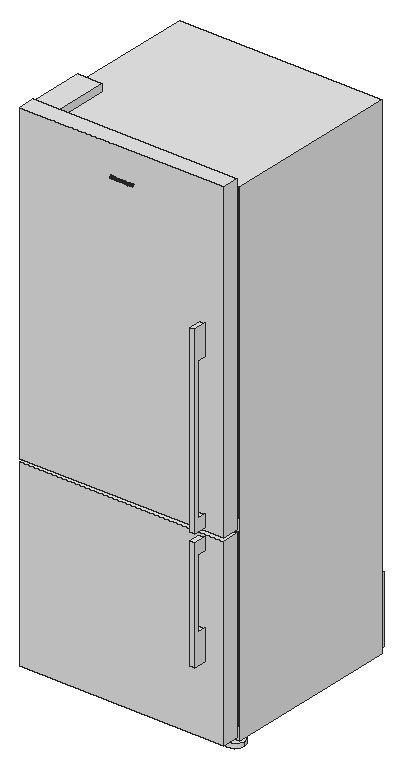
Revit family "FisherPaykel Fridge E442BLXFD", category Generic Models, host Floor, Revit 2013
Parameters (values of type "Fisher & Paykel - Fridge E442BLXFD")
  URL = "www.fisherpaykel.com"
  Model = "Fridge E442BLXFD"
  Manufacturer = "Fisher&Paykel"
  Fridge = Fridge
  Description = "Fisher & Paykel - Fridge E442BLXFD"
Reference planes (in)
  plane 1 "Center (Front/Back)": y = 0
  plane 2: z = 0
  plane 3 "Center (Left/Right)": x = 0
Dimensions and locks (in)
  equal spacing: host sketch curve, plane 1 "Center (Front/Back)", host sketch curve
  equal spacing: host sketch curve, plane 3 "Center (Left/Right)", host sketch curve
  host sketch curve to host sketch curve = 10' - 0"  (x2)
  aligned and locked: level to plane 2
Nested families (in)
  nested 1: "old_FisherPaykel Fridge E442BLXFD" at (0, 0, 0), type "Fisher & Paykel - Fridge E442BLXFD"
Definition of nested family "old_FisherPaykel Fridge E442BLXFD"
  Parameters (values of type "Fisher & Paykel - Fridge E442BLXFD")
    Width = 2' - 2.77165"
    URL = "www.fisherpaykel.com"
    Manufacturer = "Fisher&Paykel"
    Fridge = Fridge
    Model = "Fridge E442BLXFD"
    Height = 5' - 7.51969"
    Description = "Fisher & Paykel - Fridge E442BLXFD"
    Depth = 2' - 2.1811"
  Reference planes (in)
    plane 1 "Center (Front/Back)": y = 0
    plane 2: z = 0
    plane 3 "Center (Left/Right)": x = 0
    plane 4: x = -13.38583
    plane 5: y = 13.09055
    plane 6: y = -13.09055
    plane 7: x = 13.38583
    plane 8: z = 67.51969
    plane 9: y = -10.9252
    plane 10: z = 0.94488
    plane 11: z = 1.61417
    plane 12: z = 24.76378
    plane 13: z = 25.15748
    plane 14: y = -14.70472
    plane 15: x = -10.97638
    plane 16: z = 49.6063
    plane 17: z = 25.51181
    plane 18: z = 24.37008
    plane 19: z = 9.68504
    plane 20: z = 66.29921
    plane 21: y = -3.64173
    plane 22: x = 13.34646
    plane 23: x = 9.52756
    plane 24: y = 14.27165
    plane 25: z = 10.03937
    plane 26: z = 8.85827
    plane 27: x = -12.59843
    plane 28: x = 12.59843
    plane 29: z = 3.34646
    plane 30: x = 10.97638
    plane 31: y = 15.05906
    plane 32: z = 67.30315
    plane 33: z = 66.45669
    plane 34: y = -10.33465
    plane 35: x = -13.05118
    plane 36: x = 13.09055
    plane 37: z = 66.24016
    plane 38: z = 27.02756
    plane 39: z = 25.55118
    plane 40: z = 2.48031
    plane 41: z = 0.55118
    plane 42 "Front legs": y = -9.59449
    plane 43 "Front wheels": y = -5.87969
    plane 44: x = 10.8937
    plane 45 "Left legs": x = -12.20472
    plane 46 "right legs": x = 12.20472
    plane 47 "Back wheels": y = 11.5022
    plane 48: z = 63.38583
  Forms (in)
    Extrusion 1, solid, material "Fridge" <- "Fridge"
      sketch origin (0, 0, 0) x (1, 0, 0) y (0, 1, 0)
        loop
          line (-13.36614, 13.09055) -> (-13.36614, -10.32677) -> (13.36614, -10.32677) -> (13.36614, 13.09055) -> (-13.36614, 13.09055)
      from 0.94488 to 66.29921
    Extrusion 2, solid, material "Fridge" <- "Fridge"
      sketch origin (0, 0, 0) x (1, 0, 0) y (0, 0, 1)
        loop
          line (-13.38583, 1.61417) -> (13.38583, 1.61417) -> (13.38583, 25.70866) -> (-13.38583, 25.70866) -> (-13.38583, 1.61417)
        loop
          line (-13.38583, 26.10236) -> (13.38583, 26.10236) -> (13.38583, 67.51969) -> (-13.38583, 67.51969) -> (-13.38583, 26.10236)
      from 10.9252 to 13.09055
    Extrusion 3, solid, material "Fridge" <- "Fridge"
      sketch origin (18.66142, 0, 0.00823) x (0, 1, 0) y (0, 0, 1)
        loop
          line (-14.70472, 50.56264) -> (-14.70472, 26.46815) -> (-13.09055, 26.46815) -> (-13.09055, 28.04296) -> (-14.15354, 28.04296) -> (-14.15354, 46.62563) -> (-13.09055, 46.62563) -> (-13.09055, 50.56264) -> (-14.70472, 50.56264)
        loop
          line (-14.70472, 25.32642) -> (-14.70472, 10.64138) -> (-13.09055, 10.64138) -> (-13.09055, 14.57839) -> (-14.15354, 14.57839) -> (-14.15354, 23.75162) -> (-13.09055, 23.75162) -> (-13.09055, 25.32642) -> (-14.70472, 25.32642)
      from -8.37402 to -7.76772
    Extrusion 4, solid, material "Fridge" <- "Fridge"
      sketch origin (0, 0, 0) x (0, 1, 0) y (0, 0, 1)
        loop
          line (14.27165, 0.94488) -> (14.27165, 9.78784) -> (13.09055, 10.96894) -> (13.09055, 0.94488) -> (14.27165, 0.94488)
      from -12.57874 to 12.57874
    Extrusion 5, solid, material "Fridge" <- "Fridge"
      sketch origin (0.02756, 0, 0) x (1, 0, 0) y (0, 0, 1)
        loop
          circle (10.97638, 3.34646) r 0.19685
      from -14.27165 to -15.05906
    Extrusion 6, solid, material "Fridge" <- "Fridge"
      sketch origin (0, 0, 0) x (0, 1, 0) y (0, 0, 1)
        loop
          line (-10.9252, 2.45079) -> (-10.32677, 2.45079) -> (-10.32677, 25.52165) -> (-10.9252, 25.52165) -> (-10.9252, 2.45079)
        loop
          line (-10.9252, 26.98819) -> (-10.32677, 26.98819) -> (-10.32677, 66.23622) -> (-10.9252, 66.23622) -> (-10.9252, 26.98819)
      from -13.05118 to 13.05118
    Extrusion 7, solid, material "Fridge" <- "Fridge"
      sketch origin (0.86586, -0.16515, 0) x (1, 0, 0) y (0, 1, 0)
        loop
          circle (-13.07058, -9.42933) r 0.19291
        loop
          circle (11.33887, -9.42933) r 0.19291
      from 0.55118 to 0.94488
    Extrusion 8, solid, material "Fridge" <- "Fridge"
      sketch origin (0.86546, -0.60554, 0) x (1, 0, 0) y (0, 1, 0)
        loop
          circle (11.33927, -8.98895) r 1.1811
        loop
          circle (-13.07018, -8.98895) r 1.1811
      from 0 to 0.55118
    Extrusion 9, solid, material "Fridge" <- "Fridge"
      sketch origin (0, 0, 0) x (1, 0, 0) y (0, 1, 0)
        loop
          line (-13.32283, -10.9252) -> (-10.16535, -10.9252) -> (-10.16535, -3.64173) -> (-13.32283, -3.64173) -> (-13.32283, -10.9252)
      from 66.29921 to 67.30315
    Extrusion 10, solid, material "Fridge" <- "Fridge"
      sketch origin (0, 0, 0) x (0, 1, 0) y (0, 0, 1)
        loop
          arc (-7.88409, 0.94488) -> (-6.88189, 0) -> (-5.87969, 0.94488) r 1.00394
          line (-5.87969, 0.94488) -> (-7.88409, 0.94488)
        loop
          arc (9.4978, 0.94488) -> (10.5, 0) -> (11.5022, 0.94488) r 1.00394
          line (11.5022, 0.94488) -> (9.4978, 0.94488)
      from -11.30512 to -10.64764
    Extrusion 11, solid, material "Fridge" <- "Fridge"
      sketch origin (21.97047, 0, 0) x (0, 1, 0) y (0, 0, 1)
        loop
          arc (-7.88409, 0.94488) -> (-6.88189, 0) -> (-5.87969, 0.94488) r 1.00394
          line (-5.87969, 0.94488) -> (-7.88409, 0.94488)
        loop
          arc (9.4978, 0.94488) -> (10.5, 0) -> (11.5022, 0.94488) r 1.00394
          line (11.5022, 0.94488) -> (9.4978, 0.94488)
      from -11.32283 to -10.66535
  Dimensions and locks (in)
    equal spacing: plane 4, plane 3 "Center (Left/Right)", plane 7
    equal spacing: plane 5, plane 1 "Center (Front/Back)", plane 6
    "Depth": plane 5 to plane 6
    "Width": plane 4 to plane 7
    "Height": plane 8 to level
    plane 13 to plane 12 to plane 11 to plane 10 to level = 0' - 0.3937", 1' - 11.14961", 0' - 0.66929", 0' - 0.94488"
    plane 14 to plane 6 = 0' - 1.61417"
    plane 4 to plane 15 = 0' - 2.40945"
    plane 20 to level = 5' - 6.29921"
    plane 24 to plane 6 = 2' - 3.3622"
    level to plane 26 to plane 25 = 0' - 8.85827", 0' - 1.1811"
    plane 4 to plane 27 = 0' - 0.7874"
    plane 7 to plane 28 = 0' - 0.7874"
    plane 29 to plane 10 = 0' - 2.40157"
    plane 30 to plane 28 = 0' - 1.62205"
    plane 31 to plane 24 = 0' - 0.7874"
    plane 8 to plane 32 to plane 33 = 0' - 0.21654", 0' - 0.84646"
    plane 34 to plane 9 = 0' - 0.59055"
    plane 4 to plane 35 = 0' - 0.33465"
    plane 7 to plane 36 = 0' - 0.29528"
    plane 20 to plane 37 to plane 38 to plane 39 to plane 40 = 0' - 0.05906", 3' - 3.2126", 0' - 1.47638", 1' - 11.07087"
    plane 10 to plane 41 = 0' - 0.3937"
    plane 6 to plane 9 to plane 34 = 0' - 2.16535", 0' - 0.59055"
    plane 34 to plane 5 = 1' - 11.4252"
    plane 19 to level = 0' - 9.68504"
    plane 18 to level = 2' - 0.37008"
    plane 12 to level = 2' - 0.76378"
    plane 13 to level = 2' - 1.15748"
    level to plane 17 = 2' - 1.51181"
    level to plane 16 = 4' - 1.6063"
    Extrusion 2 to plane 44 = 0' - 2.49213"
    Extrusion 2 to Extrusion 3 = 1' - 4.94882"
    locked: Extrusion 3 to Extrusion 3 at 0.6063
    plane 8 to plane 48 = 0' - 4.13386"
    aligned and locked: plane 2 to level
    aligned and locked: Extrusion 1 sketch curve to plane 5
    aligned and locked: Extrusion 1 to plane 10
    aligned and locked: Extrusion 2 sketch curve to plane 11
    aligned and locked: Extrusion 2 sketch curve to plane 4  (x2)
    aligned and locked: Extrusion 2 sketch curve to plane 7
    aligned and locked: plane 14 to Extrusion 3 sketch curve  (x2)
    aligned and locked: Extrusion 3 sketch curve to plane 6  (x2)
    aligned and locked: plane 20 to Extrusion 1
    aligned and locked: Extrusion 2 sketch curve to plane 8
    aligned and locked: plane 24 to Extrusion 4 sketch curve
    aligned and locked: plane 10 to Extrusion 4 sketch curve
    aligned and locked: plane 5 to Extrusion 4 sketch curve
    aligned and locked: plane 24 to Extrusion 5
    aligned and locked: plane 31 to Extrusion 5
    aligned and locked: plane 9 to Extrusion 6 sketch curve  (x2)
    aligned and locked: plane 35 to Extrusion 6
    aligned and locked: Extrusion 7 to Extrusion 1
    aligned and locked: plane 41 to Extrusion 7
    aligned and locked: Extrusion 8 to level
    aligned and locked: Extrusion 8 to Extrusion 7
    aligned and locked: plane 44 to Extrusion 3
    aligned and locked: plane 32 to Extrusion 9
    aligned and locked: Extrusion 9 to Extrusion 1
  Automatic sketch dimensions
    Extrusion 4 sketch curve to plane 26 = 0' - 0.92957"
    Extrusion 4 sketch curve to plane 25 = 0' - 0.92957"
    Extrusion 5 sketch curve to plane 29 = 0' - 0"
    plane 30 to Extrusion 5 sketch curve = 0' - 0.02756"
    plane 13 to Extrusion 2 sketch curve = 0' - 0.94488"
    plane 12 to Extrusion 2 sketch curve = 0' - 0.94488"
    Extrusion 3 sketch curve to plane 6 = 0' - 0"  (x2)
    plane 14 to Extrusion 3 sketch curve = 0' - 0.55118"  (x2)
    Extrusion 3 sketch curve to plane 25 = 0' - 4.54724"
    plane 18 to Extrusion 3 sketch curve = 0' - 0.61024"
    plane 13 to Extrusion 3 sketch curve = 0' - 0.17717"
    plane 38 to Extrusion 3 sketch curve = 0' - 0.55118"
    Extrusion 3 sketch curve to plane 38 = 0' - 1.02362"
    Extrusion 3 sketch curve to plane 16 = 0' - 0.96457"
    Extrusion 3 sketch curve to plane 25 = 0' - 0.61024"
    plane 38 to Extrusion 6 sketch curve = 0' - 0.03937"
    plane 16 to Extrusion 3 sketch curve = 0' - 2.97244"
    plane 4 to Extrusion 1 sketch curve = 0' - 0.01969"
    Extrusion 1 sketch curve to plane 34 = 0' - 0.00787"
    plane 7 to Extrusion 1 sketch curve = 0' - 0.01969"
    plane 7 to Extrusion 2 sketch curve = 0' - 0"
    plane 37 to Extrusion 6 sketch curve = 0' - 0.00394"
    Extrusion 6 sketch curve to plane 34 = 0' - 0.00787"  (x2)
    Extrusion 6 sketch curve to plane 17 = 0' - 0.00984"
    plane 40 to Extrusion 6 sketch curve = 0' - 0.02953"
    Extrusion 9 sketch curve to plane 21 = 0' - 0"
    plane 9 to Extrusion 9 sketch curve = 0' - 0"
    plane 4 to Extrusion 9 sketch curve = 0' - 0.06299"
    Extrusion 9 sketch curve to plane 15 = 0' - 0.81102"
    plane 42 "Front legs" to Extrusion 7 sketch curve = 0' - 0"  (x2)
    Extrusion 7 sketch curve to plane 45 "Left legs" = 0' - 0"
    Extrusion 7 sketch curve to plane 46 "right legs" = 0' - 0"
    plane 42 "Front legs" to Extrusion 8 sketch curve = 0' - 0"  (x2)
    Extrusion 8 sketch curve to plane 45 "Left legs" = 0' - 0"
    Extrusion 8 sketch curve to plane 46 "right legs" = 0' - 0"
    Extrusion 10 sketch curve to plane 10 = 0' - 0"  (x2)
    Extrusion 10 sketch curve to plane 43 "Front wheels" = 0' - 0"
    Extrusion 10 sketch curve to plane 47 "Back wheels" = 0' - 0"
    Extrusion 10 sketch curve to plane 42 "Front legs" = 0' - 1.7104"
    plane 47 "Back wheels" to Extrusion 10 sketch curve = 0' - 2.0044"
    plane 10 to Extrusion 10 sketch curve = 0' - 0.05906"  (x2)
    Extrusion 11 sketch curve to plane 10 = 0' - 0"  (x2)
    Extrusion 11 sketch curve to plane 43 "Front wheels" = 0' - 0"
    Extrusion 11 sketch curve to plane 47 "Back wheels" = 0' - 0"
    Extrusion 11 sketch curve to plane 42 "Front legs" = 0' - 1.7104"
    plane 47 "Back wheels" to Extrusion 11 sketch curve = 0' - 2.0044"
    plane 10 to Extrusion 11 sketch curve = 0' - 0.05906"  (x2)
    radius of Extrusion 5 sketch curve = 0' - 0.19685"
    radius of Extrusion 7 sketch curve = 0' - 0.19291"  (x2)
    radius of Extrusion 8 sketch curve = 0' - 1.1811"  (x2)
  Nested families (in)
    nested 1: "FP_logo80mm" at (0, -13.09055, 63.38583) x (1, 0, 0) z (0, -1, 0), type "FP_logo80mm"
  Definition of nested family "FP_logo80mm"
    Parameters (values of type "FP_logo80mm")
      thickness = 0' - 0.02044"
      LOGO = logo
      Default Elevation = 4' - 0"
    Reference planes (in)
      plane 1 "Center (Front/Back)": y = 0
      plane 2: z = 0
      plane 3 "Center (Left/Right)": x = 0
      plane 4: x = -1.5748
      plane 5: x = 1.5748
    Forms (in)
      Extrusion 1, solid
        sketch origin (0, 0, 0) x (1, 0, 0) y (0, 1, 0)
          loop
            line (-48, 48) -> (-48, -48) -> (48, -48) -> (48, 48) -> (-48, 48)
        from 0 to -12
      Extrusion 2, solid, material "logo" <- "LOGO"
        sketch origin (0, 0, 0) x (1, 0, 0) y (0, 1, 0)
          loop
            line (-1.57372, 0) -> (-1.50194, 0) -> (-1.46947, 0.12283) -> (-1.30297, 0.12283) -> (-1.29013, 0.1703) -> (-1.45659, 0.1703) -> (-1.43522, 0.25151) -> (-1.25982, 0.25151) -> (-1.24694, 0.29898) -> (-1.49409, 0.29898) -> (-1.57372, 0)
          loop
            line (-1.30607, 0) -> (-1.24274, 0) -> (-1.18721, 0.20934) -> (-1.25063, 0.20934) -> (-1.30607, 0)
          loop
            line (-1.22648, 0.29898) -> (-1.23826, 0.25602) -> (-1.17488, 0.25602) -> (-1.16314, 0.29898) -> (-1.22648, 0.29898)
          loop
            arc (-0.86058, 0.13425) -> (-0.80772, 0.17063) -> (-0.74843, 0.1461) r 0.06722
            line (-0.74843, 0.1461) -> (-0.78704, 0) -> (-0.7237, 0) -> (-0.68605, 0.14246)
            arc (-0.68605, 0.14246) -> (-0.68155, 0.16152) -> (-0.68605, 0.18058) r 0.04254
            arc (-0.68605, 0.18058) -> (-0.76915, 0.21295) -> (-0.84979, 0.17486) r 0.1128
            line (-0.84979, 0.17486) -> (-0.81676, 0.29898) -> (-0.88006, 0.29898) -> (-0.95966, 0) -> (-0.89632, 0) -> (-0.86058, 0.13425)
          loop
            arc (-0.95066, 0.15197) -> (-0.95087, 0.18935) -> (-0.98246, 0.20934) r 0.03895
            arc (-0.98246, 0.20934) -> (-1.05987, 0.21825) -> (-1.13591, 0.20129) r 0.23433
            arc (-1.13591, 0.20129) -> (-1.1618, 0.18364) -> (-1.17815, 0.15691) r 0.0745
            arc (-1.17815, 0.15691) -> (-1.17834, 0.11309) -> (-1.14108, 0.09004) r 0.04483
            line (-1.14108, 0.09004) -> (-1.05714, 0.08639)
            arc (-1.05714, 0.08639) -> (-1.03604, 0.05735) -> (-1.06272, 0.03332) r 0.02683
            line (-1.06272, 0.03332) -> (-1.11205, 0.03332)
            arc (-1.11205, 0.03332) -> (-1.13197, 0.04003) -> (-1.14072, 0.05914) r 0.02647
            line (-1.14072, 0.05914) -> (-1.20571, 0.06008)
            arc (-1.20571, 0.06008) -> (-1.20608, 0.02907) -> (-1.18586, 0.00555) r 0.04389
            arc (-1.18586, 0.00555) -> (-1.10473, -0.00342) -> (-1.02361, 0.00555) r 0.37118
            arc (-1.02361, 0.00555) -> (-0.98719, 0.0286) -> (-0.96414, 0.06502) r 0.09828
            arc (-0.96414, 0.06502) -> (-0.96497, 0.10316) -> (-0.99759, 0.12295) r 0.03965
            line (-0.99759, 0.12295) -> (-1.09984, 0.1274)
            arc (-1.09984, 0.1274) -> (-1.11597, 0.13609) -> (-1.11913, 0.15414) r 0.02101
            arc (-1.11913, 0.15414) -> (-1.06497, 0.17768) -> (-1.0118, 0.15197) r 0.0708
            line (-1.0118, 0.15197) -> (-0.95066, 0.15197)
          loop
            line (-0.43335, 0.0955) -> (-0.42234, 0.15714)
            arc (-0.42234, 0.15714) -> (-0.43763, 0.19405) -> (-0.47453, 0.20934) r 0.05219
            line (-0.47453, 0.20934) -> (-0.56603, 0.20934)
            arc (-0.56603, 0.20934) -> (-0.67024, 0.12209) -> (-0.61053, 0) r 0.11022
            arc (-0.61053, 0) -> (-0.51666, 0.00201) -> (-0.44346, 0.06081) r 0.14586
            line (-0.44346, 0.06081) -> (-0.50325, 0.06709)
            arc (-0.50325, 0.06709) -> (-0.57274, 0.03377) -> (-0.61889, 0.0955) r 0.06068
            line (-0.61889, 0.0955) -> (-0.43335, 0.0955)
          loop
            line (-0.60154, 0.12683) -> (-0.48719, 0.12683)
            arc (-0.48719, 0.12683) -> (-0.54436, 0.17324) -> (-0.60154, 0.12683) r 0.05842
          loop
            line (-0.43225, 0) -> (-0.36884, 0) -> (-0.3364, 0.12322)
            arc (-0.3364, 0.12322) -> (-0.29895, 0.16318) -> (-0.25677, 0.12825) r 0.03997
            line (-0.25677, 0.12825) -> (-0.19736, 0.12825)
            arc (-0.19736, 0.12825) -> (-0.19022, 0.16751) -> (-0.20568, 0.20429) r 0.07001
            arc (-0.20568, 0.20429) -> (-0.27218, 0.21095) -> (-0.32777, 0.17385) r 0.09905
            line (-0.32777, 0.17385) -> (-0.31343, 0.20934) -> (-0.37677, 0.20934) -> (-0.43225, 0)
          loop
            line (0.0589, 0.12012) -> (0.04908, 0.08343) -> (-0.0317, 0.14891)
            arc (-0.0317, 0.14891) -> (0.01975, 0.15451) -> (0.06854, 0.17177) r 0.22403
            arc (0.06854, 0.17177) -> (0.08659, 0.19825) -> (0.092, 0.22984) r 0.07535
            arc (0.092, 0.22984) -> (0.08362, 0.25136) -> (0.06388, 0.26335) r 0.03598
            arc (0.06388, 0.26335) -> (0.00198, 0.27016) -> (-0.05992, 0.26335) r 0.28474
            arc (-0.05992, 0.26335) -> (-0.08847, 0.24926) -> (-0.10731, 0.22359) r 0.0671
            arc (-0.10731, 0.22359) -> (-0.11641, 0.18705) -> (-0.09579, 0.15554) r 0.04706
            arc (-0.09579, 0.15554) -> (-0.14195, 0.14171) -> (-0.177, 0.10865) r 0.10456
            line (-0.177, 0.10865) -> (-0.19166, 0.0607)
            arc (-0.19166, 0.0607) -> (-0.17964, 0.01787) -> (-0.1389, 0) r 0.05201
            arc (-0.1389, 0) -> (-0.07522, -0.00464) -> (-0.01155, 0) r 0.43946
            arc (-0.01155, 0) -> (0.0259, 0.01133) -> (0.05839, 0.0331) r 0.13235
            line (0.05839, 0.0331) -> (0.10025, 0) -> (0.13041, 0.02319) -> (0.07822, 0.05974)
            arc (0.07822, 0.05974) -> (0.09021, 0.08908) -> (0.09668, 0.12012) r 0.17407
            line (0.09668, 0.12012) -> (0.0589, 0.12012)
          loop
            line (0.03377, 0.0523) -> (-0.07598, 0.13975)
            arc (-0.07598, 0.13975) -> (-0.12194, 0.128) -> (-0.14447, 0.08624) r 0.05912
            arc (-0.14447, 0.08624) -> (-0.14328, 0.04325) -> (-0.10587, 0.02201) r 0.04379
            arc (-0.10587, 0.02201) -> (-0.03294, 0.02281) -> (0.03377, 0.0523) r 0.18125
          loop
            arc (0.36561, 0.09636) -> (0.42763, 0.11011) -> (0.47803, 0.14878) r 0.14675
            arc (0.47803, 0.14878) -> (0.49723, 0.19866) -> (0.50525, 0.25151) r 0.24691
            arc (0.50525, 0.25151) -> (0.4729, 0.28972) -> (0.42369, 0.29898) r 0.07484
            line (0.42369, 0.29898) -> (0.22524, 0.29898) -> (0.14568, 0) -> (0.21739, 0) -> (0.24319, 0.09636) -> (0.36561, 0.09636)
          loop
            line (0.28414, 0.25151) -> (0.2561, 0.14568) -> (0.35509, 0.14568)
            arc (0.35509, 0.14568) -> (0.38393, 0.15) -> (0.41024, 0.16258) r 0.09842
            line (0.41024, 0.16258) -> (0.42722, 0.20926)
            arc (0.42722, 0.20926) -> (0.41485, 0.23913) -> (0.38497, 0.25151) r 0.04225
            line (0.38497, 0.25151) -> (0.28414, 0.25151)
          loop
            arc (0.55819, 0.14878) -> (0.56638, 0.16856) -> (0.58615, 0.17674) r 0.02796
            arc (0.58615, 0.17674) -> (0.61447, 0.17926) -> (0.64279, 0.17674) r 0.16065
            arc (0.64279, 0.17674) -> (0.65989, 0.1631) -> (0.65782, 0.14133) r 0.02298
            line (0.65782, 0.14133) -> (0.6478, 0.1037)
            arc (0.6478, 0.1037) -> (0.56118, 0.13061) -> (0.47719, 0.09636) r 0.13438
            arc (0.47719, 0.09636) -> (0.4602, 0.04095) -> (0.50121, 0) r 0.05619
            arc (0.50121, 0) -> (0.57004, -0.00115) -> (0.63244, 0.02789) r 0.15353
            line (0.63244, 0.02789) -> (0.61074, -0.0031) -> (0.68432, 0) -> (0.72076, 0.13673)
            arc (0.72076, 0.13673) -> (0.72464, 0.17655) -> (0.69592, 0.20441) r 0.04611
            arc (0.69592, 0.20441) -> (0.62576, 0.21705) -> (0.55489, 0.20934) r 0.2495
            arc (0.55489, 0.20934) -> (0.51881, 0.18487) -> (0.49434, 0.14878) r 0.11565
            line (0.49434, 0.14878) -> (0.55819, 0.14878)
          loop
            line (0.7678, 0) -> (0.80778, 0)
            arc (0.80778, 0) -> (0.77355, -0.04222) -> (0.72076, -0.05517) r 0.08526
            line (0.72076, -0.05517) -> (0.71067, -0.09189)
            arc (0.71067, -0.09189) -> (0.79943, -0.08017) -> (0.85866, -0.01304) r 0.12765
            line (0.85866, -0.01304) -> (0.98648, 0.20934) -> (0.9209, 0.20934) -> (0.82272, 0.03272) -> (0.80483, 0.20934) -> (0.7376, 0.20934) -> (0.7678, 0)
          loop
            line (1.04279, 0.12778) -> (1.0881, 0.29898) -> (1.02481, 0.29898) -> (0.94521, 0) -> (1.00859, 0) -> (1.03321, 0.09275) -> (1.10888, 0) -> (1.18678, 0) -> (1.10668, 0.1107) -> (1.22381, 0.20934) -> (1.15093, 0.20934) -> (1.04279, 0.12778)
          loop
            line (1.51251, 0.29898) -> (1.43291, 0) -> (1.49629, 0) -> (1.57589, 0.29898) -> (1.51251, 0.29898)
          loop
            line (1.43403, 0.0955) -> (1.44505, 0.15714)
            arc (1.44505, 0.15714) -> (1.42976, 0.19405) -> (1.39285, 0.20934) r 0.05219
            line (1.39285, 0.20934) -> (1.30135, 0.20934)
            arc (1.30135, 0.20934) -> (1.19714, 0.12209) -> (1.25686, 0) r 0.11022
            arc (1.25686, 0) -> (1.35073, 0.00201) -> (1.42393, 0.06081) r 0.14586
            line (1.42393, 0.06081) -> (1.36413, 0.06709)
            arc (1.36413, 0.06709) -> (1.29464, 0.03377) -> (1.2485, 0.0955) r 0.06068
            line (1.2485, 0.0955) -> (1.43403, 0.0955)
          loop
            line (1.26585, 0.12683) -> (1.3802, 0.12683)
            arc (1.3802, 0.12683) -> (1.32302, 0.17324) -> (1.26585, 0.12683) r 0.05842
          loop
            arc (-0.05026, 0.16395) -> (0.00366, 0.17176) -> (0.04898, 0.202) r 0.12359
            arc (0.04898, 0.202) -> (0.05207, 0.22235) -> (0.04159, 0.24006) r 0.03066
            arc (0.04159, 0.24006) -> (-0.00034, 0.2455) -> (-0.04226, 0.24006) r 0.16426
            arc (-0.04226, 0.24006) -> (-0.07878, 0.20542) -> (-0.05026, 0.16395) r 0.03874
          loop
            spline (0.5073, 0.05459) -> (0.51015, 0.04686) -> (0.51712, 0.04004) -> (0.52774, 0.03458) -> (0.54128, 0.03087) -> (0.55682, 0.02915) -> (0.57331, 0.02954) -> (0.58961, 0.03202) -> (0.60462, 0.03641) -> (0.61731, 0.04242) -> (0.62682, 0.04963) -> (0.6325, 0.05756) -> (0.63397, 0.06567)
            spline (0.63397, 0.06567) -> (0.63112, 0.07339) -> (0.62415, 0.08022) -> (0.61353, 0.08567) -> (0.59998, 0.08938) -> (0.58444, 0.0911) -> (0.56796, 0.09071) -> (0.55165, 0.08823) -> (0.53665, 0.08384) -> (0.52395, 0.07783) -> (0.51444, 0.07062) -> (0.50876, 0.06269) -> (0.5073, 0.05459)
        from 0 to 0.02044
    Dimensions and locks (in)
      "thickness": Extrusion 2 to plane 2
      equal spacing: plane 4, plane 3 "Center (Left/Right)", plane 5
      plane 4 to plane 5 = 0' - 3.14961"
      aligned and locked: plane 2 to Extrusion 1
      aligned and locked: level to Extrusion 1
    Automatic sketch dimensions
      Extrusion 1 sketch curve to Extrusion 1 sketch curve = 8' - 0"  (x2)
      plane 1 "Center (Front/Back)" to Extrusion 2 sketch curve = 0' - 0"  (x19)
      plane 4 to Extrusion 2 sketch curve = 0' - 0.00108"
      plane 1 "Center (Front/Back)" to Extrusion 2 sketch curve = 0' - 0.09189"
      Extrusion 2 sketch curve to Extrusion 2 sketch curve = 0' - 0.07178"
      plane 4 to Extrusion 2 sketch curve = 0' - 0.08072"
      plane 4 to Extrusion 2 sketch curve = 0' - 0.10534"
      Extrusion 2 sketch curve to Extrusion 2 sketch curve = 0' - 0.01288"  (x2)
      Extrusion 2 sketch curve to Extrusion 2 sketch curve = 0' - 0.05886"
      Extrusion 2 sketch curve to Extrusion 2 sketch curve = 0' - 0.19587"
      Extrusion 2 sketch curve to Extrusion 2 sketch curve = 0' - 0.0031"
      Extrusion 2 sketch curve to Extrusion 2 sketch curve = 0' - 0.01284"
      Extrusion 2 sketch curve to Extrusion 2 sketch curve = 0' - 0.03031"
      Extrusion 2 sketch curve to Extrusion 2 sketch curve = 0' - 0.00919"
      Extrusion 2 sketch curve to Extrusion 2 sketch curve = 0' - 0.06334"  (x3)
      Extrusion 2 sketch curve to Extrusion 2 sketch curve = 0' - 0.02156"
      Extrusion 2 sketch curve to Extrusion 2 sketch curve = 0' - 0.02046"
      Extrusion 2 sketch curve to plane 1 "Center (Front/Back)" = 0' - 0.06008"
      Extrusion 2 sketch curve to Extrusion 2 sketch curve = 0' - 0.03703"
      Extrusion 2 sketch curve to Extrusion 2 sketch curve = 0' - 0.06342"  (x2)
      Extrusion 2 sketch curve to Extrusion 2 sketch curve = 0' - 0.01233"
      Extrusion 2 sketch curve to Extrusion 2 sketch curve = 0' - 0.01174"
      Extrusion 2 sketch curve to plane 1 "Center (Front/Back)" = 0' - 0.09004"
      Extrusion 2 sketch curve to Extrusion 2 sketch curve = 0' - 0.06462"
      Extrusion 2 sketch curve to plane 1 "Center (Front/Back)" = 0' - 0.05914"
      Extrusion 2 sketch curve to Extrusion 2 sketch curve = 0' - 0.00037"
      Extrusion 2 sketch curve to Extrusion 2 sketch curve = 0' - 0.02867"
      Extrusion 2 sketch curve to plane 1 "Center (Front/Back)" = 0' - 0.1274"
      Extrusion 2 sketch curve to Extrusion 2 sketch curve = 0' - 0.04124"
      Extrusion 2 sketch curve to Extrusion 2 sketch curve = 0' - 0.04933"
      Extrusion 2 sketch curve to plane 1 "Center (Front/Back)" = 0' - 0.08639"
      Extrusion 2 sketch curve to Extrusion 2 sketch curve = 0' - 0.00558"
      Extrusion 2 sketch curve to Extrusion 2 sketch curve = 0' - 0.04534"
      Extrusion 2 sketch curve to plane 1 "Center (Front/Back)" = 0' - 0.12295"
      Extrusion 2 sketch curve to Extrusion 2 sketch curve = 0' - 0.01421"
      Extrusion 2 sketch curve to Extrusion 2 sketch curve = 0' - 0.10306"
      Extrusion 2 sketch curve to Extrusion 2 sketch curve = 0' - 0.04693"
      Extrusion 2 sketch curve to plane 1 "Center (Front/Back)" = 0' - 0.29898"
      Extrusion 2 sketch curve to Extrusion 2 sketch curve = 0' - 0.0706"
      Extrusion 2 sketch curve to plane 1 "Center (Front/Back)" = 0' - 0.13425"
      Extrusion 2 sketch curve to Extrusion 2 sketch curve = 0' - 0.09009"
      Extrusion 2 sketch curve to plane 1 "Center (Front/Back)" = 0' - 0.17486"
      Extrusion 2 sketch curve to Extrusion 2 sketch curve = 0' - 0.01079"
      Extrusion 2 sketch curve to Extrusion 2 sketch curve = 0' - 0.0633"  (x2)
      Extrusion 2 sketch curve to Extrusion 2 sketch curve = 0' - 0.10928"
      Extrusion 2 sketch curve to plane 1 "Center (Front/Back)" = 0' - 0.1461"
      Extrusion 2 sketch curve to Extrusion 2 sketch curve = 0' - 0.10135"
      Extrusion 2 sketch curve to plane 1 "Center (Front/Back)" = 0' - 0.14246"
      Extrusion 2 sketch curve to Extrusion 2 sketch curve = 0' - 0.06238"
      Extrusion 2 sketch curve to Extrusion 2 sketch curve = 0' - 0.06717"
      Extrusion 2 sketch curve to Extrusion 2 sketch curve = 0' - 0.01735"  (x2)
      Extrusion 2 sketch curve to Extrusion 2 sketch curve = 0' - 0.0355"
      Extrusion 2 sketch curve to plane 1 "Center (Front/Back)" = 0' - 0.06709"  (x2)
      Extrusion 2 sketch curve to Extrusion 2 sketch curve = 0' - 0.09828"  (x2)
      Extrusion 2 sketch curve to Extrusion 2 sketch curve = 0' - 0.01606"  (x2)
      Extrusion 2 sketch curve to Extrusion 2 sketch curve = 0' - 0.01266"  (x2)
      Extrusion 2 sketch curve to plane 1 "Center (Front/Back)" = 0' - 0.06081"  (x2)
      Extrusion 2 sketch curve to Extrusion 2 sketch curve = 0' - 0.05979"  (x2)
      Extrusion 2 sketch curve to Extrusion 2 sketch curve = 0' - 0.01011"  (x2)
      Extrusion 2 sketch curve to Extrusion 2 sketch curve = 0' - 0.0112"
      Extrusion 2 sketch curve to plane 1 "Center (Front/Back)" = 0' - 0.15714"
      Extrusion 2 sketch curve to Extrusion 2 sketch curve = 0' - 0.05219"  (x2)
      Extrusion 2 sketch curve to Extrusion 2 sketch curve = 0' - 0.04557"
      Extrusion 2 sketch curve to plane 1 "Center (Front/Back)" = 0' - 0.12322"
      Extrusion 2 sketch curve to Extrusion 2 sketch curve = 0' - 0 11/128"
      Extrusion 2 sketch curve to plane 1 "Center (Front/Back)" = 0' - 0.17385"
      Extrusion 2 sketch curve to Extrusion 2 sketch curve = 0' - 0.00864"
      Extrusion 2 sketch curve to Extrusion 2 sketch curve = 0' - 0.01434"
      Extrusion 2 sketch curve to Extrusion 2 sketch curve = 0' - 0.07963"
      Extrusion 2 sketch curve to Extrusion 2 sketch curve = 0' - 0.05941"
      Extrusion 2 sketch curve to plane 1 "Center (Front/Back)" = 0' - 0.0607"
      Extrusion 2 sketch curve to Extrusion 2 sketch curve = 0' - 0.00569"
      Extrusion 2 sketch curve to Extrusion 2 sketch curve = 0' - 0.02035"
      Extrusion 2 sketch curve to plane 3 "Center (Left/Right)" = 0' - 0.07598"
      Extrusion 2 sketch curve to plane 3 "Center (Left/Right)" = 0' - 0.0317"
      plane 3 "Center (Left/Right)" to Extrusion 2 sketch curve = 0' - 0.03377"
      Extrusion 2 sketch curve to Extrusion 2 sketch curve = 0' - 0.01531"
      Extrusion 2 sketch curve to Extrusion 2 sketch curve = 0' - 0.02462"  (x2)
      Extrusion 2 sketch curve to Extrusion 2 sketch curve = 0' - 0.00982"
      Extrusion 2 sketch curve to Extrusion 2 sketch curve = 0' - 0.01983"
      Extrusion 2 sketch curve to Extrusion 2 sketch curve = 0' - 0.03778"
      Extrusion 2 sketch curve to Extrusion 2 sketch curve = 0' - 0.04186"
      Extrusion 2 sketch curve to plane 1 "Center (Front/Back)" = 0' - 0.02319"
      Extrusion 2 sketch curve to Extrusion 2 sketch curve = 0' - 0.03016"
      Extrusion 2 sketch curve to Extrusion 2 sketch curve = 0' - 0.01527"
      Extrusion 2 sketch curve to Extrusion 2 sketch curve = 0' - 0.0717"
      Extrusion 2 sketch curve to Extrusion 2 sketch curve = 0' - 0.12856"
      Extrusion 2 sketch curve to Extrusion 2 sketch curve = 0' - 0.0258"
      Extrusion 2 sketch curve to Extrusion 2 sketch curve = 0' - 0.01292"
      Extrusion 2 sketch curve to Extrusion 2 sketch curve = 0' - 0.0589"
      Extrusion 2 sketch curve to Extrusion 2 sketch curve = 0' - 0.09899"
      Extrusion 2 sketch curve to Extrusion 2 sketch curve = 0' - 0.01052"
      Extrusion 2 sketch curve to Extrusion 2 sketch curve = 0' - 0.01936"
      Extrusion 2 sketch curve to plane 1 "Center (Front/Back)" = 0' - 0.16258"
      Extrusion 2 sketch curve to Extrusion 2 sketch curve = 0' - 0.02526"
      Extrusion 2 sketch curve to Extrusion 2 sketch curve = 0' - 0.03872"
      Extrusion 2 sketch curve to plane 1 "Center (Front/Back)" = 0' - 0.20926"
      Extrusion 2 sketch curve to Extrusion 2 sketch curve = 0' - 0.04225"
      Extrusion 2 sketch curve to Extrusion 2 sketch curve = 0' - 0.08411"
      Extrusion 2 sketch curve to Extrusion 2 sketch curve = 0' - 0.06385"
      plane 1 "Center (Front/Back)" to Extrusion 2 sketch curve = 0' - 0.0031"
      Extrusion 2 sketch curve to Extrusion 2 sketch curve = 0' - 0.05255"
      Extrusion 2 sketch curve to plane 1 "Center (Front/Back)" = 0' - 0.02789"
      Extrusion 2 sketch curve to Extrusion 2 sketch curve = 0' - 0.02171"
      Extrusion 2 sketch curve to plane 1 "Center (Front/Back)" = 0' - 0.1037"
      Extrusion 2 sketch curve to Extrusion 2 sketch curve = 0' - 0.01535"
      Extrusion 2 sketch curve to plane 1 "Center (Front/Back)" = 0' - 0.14133"
      Extrusion 2 sketch curve to Extrusion 2 sketch curve = 0' - 0.01003"
      Extrusion 2 sketch curve to Extrusion 2 sketch curve = 0' - 0.05187"
      Extrusion 2 sketch curve to Extrusion 2 sketch curve = 0' - 0.02635"
      Extrusion 2 sketch curve to plane 1 "Center (Front/Back)" = 0' - 0 35/256"
      Extrusion 2 sketch curve to Extrusion 2 sketch curve = 0' - 0.06293"
      plane 1 "Center (Front/Back)" to Extrusion 2 sketch curve = 0' - 0.05517"
      Extrusion 2 sketch curve to Extrusion 2 sketch curve = 0' - 0.01009"
      Extrusion 2 sketch curve to Extrusion 2 sketch curve = 0' - 0.01685"
      Extrusion 2 sketch curve to Extrusion 2 sketch curve = 0' - 0.04704"
      Extrusion 2 sketch curve to plane 1 "Center (Front/Back)" = 0' - 0.20934"  (x3)
      Extrusion 2 sketch curve to Extrusion 2 sketch curve = 0' - 0.06723"
      Extrusion 2 sketch curve to Extrusion 2 sketch curve = 0' - 0.03998"
      Extrusion 2 sketch curve to plane 1 "Center (Front/Back)" = 0' - 0.03272"
      Extrusion 2 sketch curve to Extrusion 2 sketch curve = 0' - 0.01493"
      plane 1 "Center (Front/Back)" to Extrusion 2 sketch curve = 0' - 0.01304"
      Extrusion 2 sketch curve to Extrusion 2 sketch curve = 0' - 0.05088"
      Extrusion 2 sketch curve to Extrusion 2 sketch curve = 0' - 0.11607"
      Extrusion 2 sketch curve to Extrusion 2 sketch curve = 0' - 0.08655"
      Extrusion 2 sketch curve to Extrusion 2 sketch curve = 0' - 0.06558"
      Extrusion 2 sketch curve to Extrusion 2 sketch curve = 0' - 0.06338"  (x2)
      Extrusion 2 sketch curve to Extrusion 2 sketch curve = 0' - 0.03833"
      Extrusion 2 sketch curve to plane 1 "Center (Front/Back)" = 0' - 0.09275"
      Extrusion 2 sketch curve to plane 1 "Center (Front/Back)" = 0' - 0.12778"
      Extrusion 2 sketch curve to Extrusion 2 sketch curve = 0' - 0.00958"
      Extrusion 2 sketch curve to plane 1 "Center (Front/Back)" = 0' - 0.1107"
      Extrusion 2 sketch curve to Extrusion 2 sketch curve = 0' - 0.06389"
      Extrusion 2 sketch curve to Extrusion 2 sketch curve = 0' - 0.10029"
      Extrusion 2 sketch curve to Extrusion 2 sketch curve = 0' - 0.04425"
      Extrusion 2 sketch curve to Extrusion 2 sketch curve = 0' - 0.07791"
      Extrusion 2 sketch curve to Extrusion 2 sketch curve = 0' - 0.07288"
      Extrusion 2 sketch curve to Extrusion 2 sketch curve = 0' - 0.06172"
      Extrusion 2 sketch curve to Extrusion 2 sketch curve = 0' - 0.07754"
      Extrusion 2 sketch curve to Extrusion 2 sketch curve = 0' - 0.00899"
      Extrusion 2 sketch curve to plane 5 = 0' - 0.0623"
      plane 5 to Extrusion 2 sketch curve = 0' - 0.00108"
      Extrusion 2 sketch curve to plane 1 "Center (Front/Back)" = 0' - 0.00555"  (x2)
      Extrusion 2 sketch curve to Extrusion 2 sketch curve = 0' - 0.05688"
      Extrusion 2 sketch curve to Extrusion 2 sketch curve = 0' - 0.00906"
      Extrusion 2 sketch curve to Extrusion 2 sketch curve = 0' - 0.02411"
      Extrusion 2 sketch curve to Extrusion 2 sketch curve = 0' - 0.0393"
      Extrusion 2 sketch curve to Extrusion 2 sketch curve = 0' - 0.0513"
      Extrusion 2 sketch curve to Extrusion 2 sketch curve = 0' - 0"  (x10)
      Extrusion 2 sketch curve to Extrusion 2 sketch curve = 0' - 0.02"
      Extrusion 2 sketch curve to Extrusion 2 sketch curve = 0' - 0.00221"
      Extrusion 2 sketch curve to Extrusion 2 sketch curve = 0' - 0.00799"
      Extrusion 2 sketch curve to Extrusion 2 sketch curve = 0' - 0.05841"
      Extrusion 2 sketch curve to Extrusion 2 sketch curve = 0' - 0.00891"
      Extrusion 2 sketch curve to Extrusion 2 sketch curve = 0' - 0.00926"
      Extrusion 2 sketch curve to Extrusion 2 sketch curve = 0' - 0.00046"
      plane 1 "Center (Front/Back)" to Extrusion 2 sketch curve = 0' - 0.01576"
      Extrusion 2 sketch curve to Extrusion 2 sketch curve = 0' - 0.01512"
      Extrusion 2 sketch curve to Extrusion 2 sketch curve = 0' - 0.00172"
      Extrusion 2 sketch curve to Extrusion 2 sketch curve = 0' - 0.02686"
      Extrusion 2 sketch curve to Extrusion 2 sketch curve = 0' - 0.00248"
      Extrusion 2 sketch curve to Extrusion 2 sketch curve = 0' - 0 9/256"
      Extrusion 2 sketch curve to Extrusion 2 sketch curve = 0' - 0.05223"
      Extrusion 2 sketch curve to Extrusion 2 sketch curve = 0' - 0.03545"
      Extrusion 2 sketch curve to Extrusion 2 sketch curve = 0' - 0.02435"
      Extrusion 2 sketch curve to Extrusion 2 sketch curve = 0' - 0.00836"
      Extrusion 2 sketch curve to Extrusion 2 sketch curve = 0' - 0.02218"  (x2)
      Extrusion 2 sketch curve to Extrusion 2 sketch curve = 0' - 0.01807"  (x2)
      Extrusion 2 sketch curve to Extrusion 2 sketch curve = 0' - 0.00417"  (x2)
      Extrusion 2 sketch curve to Extrusion 2 sketch curve = 0' - 0.03997"
      Extrusion 2 sketch curve to Extrusion 2 sketch curve = 0' - 0.00304"
      Extrusion 2 sketch curve to Extrusion 2 sketch curve = 0' - 0.00855"
      Extrusion 2 sketch curve to Extrusion 2 sketch curve = 0' - 0.05412"
      Extrusion 2 sketch curve to Extrusion 2 sketch curve = 0' - 0.03253"
      Extrusion 2 sketch curve to Extrusion 2 sketch curve = 0' - 0.00409"
      Extrusion 2 sketch curve to Extrusion 2 sketch curve = 0' - 0.00149"
      Extrusion 2 sketch curve to Extrusion 2 sketch curve = 0' - 0.03133"
      Extrusion 2 sketch curve to Extrusion 2 sketch curve = 0' - 0.03302"
      Extrusion 2 sketch curve to Extrusion 2 sketch curve = 0' - 0.03464"
      Extrusion 2 sketch curve to Extrusion 2 sketch curve = 0' - 0.01981"
      Extrusion 2 sketch curve to Extrusion 2 sketch curve = 0' - 0.01607"
      Extrusion 2 sketch curve to Extrusion 2 sketch curve = 0' - 0.0202"
      Extrusion 2 sketch curve to Extrusion 2 sketch curve = 0' - 0.00027"
      Extrusion 2 sketch curve to plane 3 "Center (Left/Right)" = 0' - 0.07522"
      Extrusion 2 sketch curve to Extrusion 2 sketch curve = 0' - 0.03594"
      Extrusion 2 sketch curve to Extrusion 2 sketch curve = 0' - 0.00135"
      Extrusion 2 sketch curve to plane 3 "Center (Left/Right)" = 0' - 0.05992"
      Extrusion 2 sketch curve to Extrusion 2 sketch curve = 0' - 0.01856"
      Extrusion 2 sketch curve to Extrusion 2 sketch curve = 0' - 0.02467"
      Extrusion 2 sketch curve to Extrusion 2 sketch curve = 0' - 0.01766"
      Extrusion 2 sketch curve to Extrusion 2 sketch curve = 0' - 0.01934"
      Extrusion 2 sketch curve to Extrusion 2 sketch curve = 0' - 0.00508"
      Extrusion 2 sketch curve to Extrusion 2 sketch curve = 0' - 0.00098"
      Extrusion 2 sketch curve to plane 3 "Center (Left/Right)" = 0' - 0.03006"
      Extrusion 2 sketch curve to plane 3 "Center (Left/Right)" = 0' - 0.00034"
      plane 3 "Center (Left/Right)" to Extrusion 2 sketch curve = 0' - 0.00198"
      plane 3 "Center (Left/Right)" to Extrusion 2 sketch curve = 0' - 0.01673"
      Extrusion 2 sketch curve to Extrusion 2 sketch curve = 0' - 0.00524"
      Extrusion 2 sketch curve to Extrusion 2 sketch curve = 0' - 0.02485"
      Extrusion 2 sketch curve to Extrusion 2 sketch curve = 0' - 0.02701"
      Extrusion 2 sketch curve to Extrusion 2 sketch curve = 0' - 0.01447"
      Extrusion 2 sketch curve to Extrusion 2 sketch curve = 0' - 0.02229"
      Extrusion 2 sketch curve to Extrusion 2 sketch curve = 0' - 0.01956"
      Extrusion 2 sketch curve to Extrusion 2 sketch curve = 0' - 0.03595"
      Extrusion 2 sketch curve to Extrusion 2 sketch curve = 0' - 0.02558"
      Extrusion 2 sketch curve to Extrusion 2 sketch curve = 0' - 0.00802"
      Extrusion 2 sketch curve to Extrusion 2 sketch curve = 0' - 0.01716"
      Extrusion 2 sketch curve to Extrusion 2 sketch curve = 0' - 0.01631"
      Extrusion 2 sketch curve to Extrusion 2 sketch curve = 0' - 0.02403"
      Extrusion 2 sketch curve to Extrusion 2 sketch curve = 0' - 0.07"
      Extrusion 2 sketch curve to Extrusion 2 sketch curve = 0' - 0.03011"
      Extrusion 2 sketch curve to Extrusion 2 sketch curve = 0' - 0.00742"
      Extrusion 2 sketch curve to Extrusion 2 sketch curve = 0' - 0.02007"
      Extrusion 2 sketch curve to Extrusion 2 sketch curve = 0' - 0.0033"
      Extrusion 2 sketch curve to Extrusion 2 sketch curve = 0' - 0.05591"
      Extrusion 2 sketch curve to Extrusion 2 sketch curve = 0' - 0.02796"
      Extrusion 2 sketch curve to Extrusion 2 sketch curve = 0' - 0.04721"
      Extrusion 2 sketch curve to Extrusion 2 sketch curve = 0' - 0.01797"
      Extrusion 2 sketch curve to Extrusion 2 sketch curve = 0' - 0.00632"
      Extrusion 2 sketch curve to Extrusion 2 sketch curve = 0' - 0.01909"
      Extrusion 2 sketch curve to Extrusion 2 sketch curve = 0' - 0.00405"
      Extrusion 2 sketch curve to Extrusion 2 sketch curve = 0' - 0.02352"
      Extrusion 2 sketch curve to Extrusion 2 sketch curve = 0' - 0.04168"
      Extrusion 2 sketch curve to plane 1 "Center (Front/Back)" = 0' - 0.02978"
      Extrusion 2 sketch curve to Extrusion 2 sketch curve = 0' - 0.01151"
      Extrusion 2 sketch curve to Extrusion 2 sketch curve = 0' - 0.07007"
      Extrusion 2 sketch curve to plane 1 "Center (Front/Back)" = 0' - 0.0331"
      Extrusion 2 sketch curve to plane 1 "Center (Front/Back)" = 0' - 0.03332"
      Extrusion 2 sketch curve to Extrusion 2 sketch curve = 0' - 0.0192"
      Extrusion 2 sketch curve to Extrusion 2 sketch curve = 0' - 0.02664"
      Extrusion 2 sketch curve to Extrusion 2 sketch curve = 0' - 0.03113"
      Extrusion 2 sketch curve to Extrusion 2 sketch curve = 0' - 0.03469"  (x2)
      Extrusion 2 sketch curve to Extrusion 2 sketch curve = 0' - 0.06622"
      Extrusion 2 sketch curve to Extrusion 2 sketch curve = 0' - 0.04795"
      Extrusion 2 sketch curve to Extrusion 2 sketch curve = 0' - 0.03669"
      Extrusion 2 sketch curve to Extrusion 2 sketch curve = 0' - 0.06275"
      Extrusion 2 sketch curve to Extrusion 2 sketch curve = 0' - 0.05974"
      Extrusion 2 sketch curve to Extrusion 2 sketch curve = 0' - 0.03134"
      Extrusion 2 sketch curve to Extrusion 2 sketch curve = 0' - 0.0196"
      Extrusion 2 sketch curve to Extrusion 2 sketch curve = 0' - 0.00023"
      Extrusion 2 sketch curve to Extrusion 2 sketch curve = 0' - 0.04932"
      Extrusion 2 sketch curve to Extrusion 2 sketch curve = 0' - 0.00024"
      Extrusion 2 sketch curve to Extrusion 2 sketch curve = 0' - 0.01796"
      Extrusion 2 sketch curve to Extrusion 2 sketch curve = 0' - 0.02901"
      Extrusion 2 sketch curve to Extrusion 2 sketch curve = 0' - 0.06164"
      Extrusion 2 sketch curve to Extrusion 2 sketch curve = 0' - 0.04747"  (x2)
      Extrusion 2 sketch curve to Extrusion 2 sketch curve = 0' - 0.03903"
      Extrusion 2 sketch curve to Extrusion 2 sketch curve = 0' - 0.03548"
      Extrusion 2 sketch curve to Extrusion 2 sketch curve = 0' - 0.08121"
      Extrusion 2 sketch curve to Extrusion 2 sketch curve = 0' - 0.00452"
      Extrusion 2 sketch curve to Extrusion 2 sketch curve = 0' - 0.08965"  (x2)
      Extrusion 2 sketch curve to Extrusion 2 sketch curve = 0' - 0 11/256"
      Extrusion 2 sketch curve to Extrusion 2 sketch curve = 0' - 0.02919"
      plane 1 "Center (Front/Back)" to Extrusion 2 sketch curve = 0' - 0.01458"
      Extrusion 2 sketch curve to plane 1 "Center (Front/Back)" = 0' - 0.02201"
      Extrusion 2 sketch curve to Extrusion 2 sketch curve = 0' - 0.02915"
      Extrusion 2 sketch curve to Extrusion 2 sketch curve = 0' - 0.00004"
      Extrusion 2 sketch curve to plane 1 "Center (Front/Back)" = 0' - 0.06502"
      Extrusion 2 sketch curve to Extrusion 2 sketch curve = 0' - 0.01465"
      Extrusion 2 sketch curve to Extrusion 2 sketch curve = 0' - 0.02894"
      Extrusion 2 sketch curve to Extrusion 2 sketch curve = 0' - 0.00357"
      Extrusion 2 sketch curve to Extrusion 2 sketch curve = 0' - 0.0088"
      Extrusion 2 sketch curve to Extrusion 2 sketch curve = 0' - 0 1/64"  (x2)
      Extrusion 2 sketch curve to Extrusion 2 sketch curve = 0' - 0.0134"
      Extrusion 2 sketch curve to Extrusion 2 sketch curve = 0' - 0.00489"
      Extrusion 2 sketch curve to Extrusion 2 sketch curve = 0' - 0.01504"
      Extrusion 2 sketch curve to Extrusion 2 sketch curve = 0' - 0.05165"
      Extrusion 2 sketch curve to Extrusion 2 sketch curve = 0' - 0.00352"
      Extrusion 2 sketch curve to Extrusion 2 sketch curve = 0' - 0.02623"
      Extrusion 2 sketch curve to Extrusion 2 sketch curve = 0' - 0.01579"
      Extrusion 2 sketch curve to Extrusion 2 sketch curve = 0' - 0.06877"
